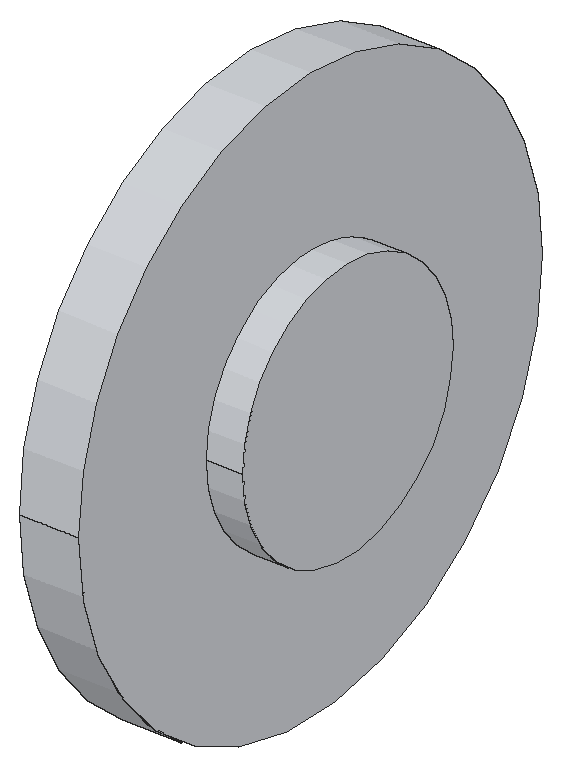
Revit family "M_Flange - Rosqueada - GI - Classe 125", category Conexões de tubo, Revit 2019
Family settings
  Cota do conector redondo = Usar raio
  Tipo de parte = Flange
  Número OmniClass = 23.60.30.11.14
  Título OmniClass = Pipework Fittings
  ID de item do Seek = Flange - Threaded - GI - Class 125-0000-CAN-ENU
  Com base no plano de trabalho = Não
  Sempre na vertical = Sim
  Corte com vazios quando carregada = Não
  Compartilhado = Não
Parameters (values of type "Padrão")
  Tamanho da marca de revisão [instance] = Diâmetro da flange * 0.4  # 43.2 mm
  Raio nominal [instance] = 12.5 mm
  Diâmetro nominal [instance] = Raio nominal * 2  # 25 mm
  Método de perda = Não definido
  Nome da tabela de pesquisa = "M_Flange - Threaded - GI - Class 125"
  Comprimento [instance] = size_lookup(Nome da tabela de pesquisa, "Lgt", 0.11 * Diâmetro nominal + 20.836 mm, Diâmetro nominal)  # 18 mm
  Raio do hub [instance] = Diâmetro do hub / 2  # 24.5 mm
  Diâmetro do hub [instance] = size_lookup(Nome da tabela de pesquisa, "HDia", 1.06 * Diâmetro nominal + 27.384 mm, Diâmetro nominal)  # 49 mm
  Espessura do flange [instance] = size_lookup(Nome da tabela de pesquisa, "FThk", 0.05 * Diâmetro nominal + 15.974 mm, Diâmetro nominal)  # 11.1 mm
  Raio da flange [instance] = Diâmetro da flange / 2  # 54 mm
  Diâmetro da flange [instance] = size_lookup(Nome da tabela de pesquisa, "FDia", 1.19 * Diâmetro nominal + 100.806 mm, Diâmetro nominal)  # 108 mm
Reference planes
  plane 1 "Centro (Frente/Trás)": y = 0
  plane 2: z = 0
  plane 3 "Centro (Esquerda/Direita)": x = 0
  plane 4: y = 43.2
  plane 5: y = -43.2
  plane 6: x = 11.1
  plane 7: x = 18
Forms (mm)
  Sweep 1, solid, detail levels fine
    path in 3D
      loop
        line (0, 0, 0) -> (11.1, 0, 0)
    profile origin (5.55, 0, 0) x (0, 1, 0) y (0, 0, 1)
      loop
        circle (0, 0) r 54
  Sweep 2, solid, detail levels fine
    path in 3D
      loop
        line (11.1, 0, 0) -> (18, 0, 0)
    profile origin (14.55, 0, 0) x (0, 1, 0) y (0, 0, 1)
      loop
        circle (0, 0) r 24.5
Cuts and joins
  joined: Sweep 1, Sweep 2
Lines and regions (mm)
  model lines, detail levels coarse+medium
    curve 1: line (0, 0, 0) -> (11.1, 0, 0)
    curve 2: line (11.1, 0, 0) -> (18, 0, 0)
    curve 5: line (11.1, 43.2, 0) -> (11.1, -43.2, 0)
  sketch lines
    curve 3: line (0, 0, 0) -> (11.1, 0, 0)
    curve 4: line (11.1, 0, 0) -> (18, 0, 0)
Dimensions and locks
  equal spacing: plane 4, plane 1 "Centro (Frente/Trás)", plane 5
  "Tamanho da marca de revisão": plane 4 to plane 1 "Centro (Frente/Trás)"
  "Espessura do flange": plane 3 "Centro (Esquerda/Direita)" to plane 6
  "Comprimento": plane 3 "Centro (Esquerda/Direita)" to plane 7
  "Raio da flange": radius of Sweep 1 sketch curve
  "Raio do hub": radius of Sweep 2 sketch curve
  aligned and locked: plane 3 "Centro (Esquerda/Direita)" to curve 1
  aligned and locked: plane 6 to curve 1
  aligned and locked: plane 1 "Centro (Frente/Trás)" to curve 1
  aligned and locked: plane 1 "Centro (Frente/Trás)" to curve 2
  aligned and locked: plane 7 to curve 2
  aligned and locked: plane 4 to curve 5
  aligned and locked: plane 5 to curve 5
  aligned and locked: curve 5 to plane 6
Automatic sketch dimensions
  Sweep 1 sketch curve to profile plane = 0 mm  (x2)
  Sweep 2 sketch curve to profile plane = 0 mm  (x2)
Connectors
  piping at (0, 0, 0), diameter 25, driven by "Raio nominal"
    settings: on cut or joined group of Sweep 1, Sweep 2, index 1, connector inside diameter 25 mm, connector length 0 mm, flow factor 0, pipe flow 0.0 L/s, pressure drop 0.0 Pa, fitting loss kfactor 0, connector angle 0.00°, fixture units 0, engagement length 0 mm, angle of deflection 0.00°, flow configuration 0, flow direction 0, fitting loss method 0, system type 28, joint type 0, gender type 0, connector reference index 2, connector utility 0, adjustable connector no, is connector primary yes, connector description ""
  piping at (18, 0, 0), diameter 25, driven by "Raio nominal"
    settings: on cut or joined group of Sweep 1, Sweep 2, index 2, connector inside diameter 25 mm, connector length 0 mm, flow factor 0, pipe flow 0.0 L/s, pressure drop 0.0 Pa, fitting loss kfactor 0, connector angle 0.00°, fixture units 0, engagement length 0 mm, angle of deflection 0.00°, flow configuration 0, flow direction 0, fitting loss method 0, system type 28, joint type 0, gender type 0, connector reference index 1, connector utility 0, adjustable connector no, is connector primary no, connector description ""
